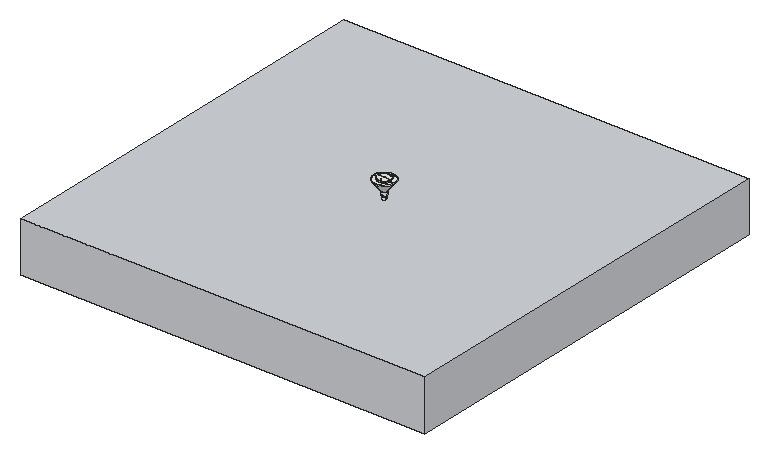
Revit family
Parameters (values of type "Metal-0-White")
  Width = 0' - 5"
  Showerhead Connector = "Showerhead Connection"  # constant formula
  Water Connection Radius = 3/8"
  Water Connection Diameter = Water Connection Radius * 2  # 3/4"
  URL = "http://www.us.kohler.com/us/"
  Product Page URL = "http://www.us.kohler.com/us/Moxie%E2%84%A2-single-function-acoustic-showerhead-with-wireless-speaker,-2.5-gpm/productDetail/Showerheads:-Single-Function/866303.htm?skuId=866281&brandId=914777&isSeachPage=true&pageName=&hash=id%3Dfilters%26startIndex%3D40%26scrollTop%3D0"
  Product Documentation Link = "http://www.us.kohler.com/webassets/kpna/catalog/pdf/en/1199729_4.pdf"
  Model = "K-9245"  # constant formula
  Manufacturer = "Kohler"  # constant formula
  Length = 0' - 4.55483"
  Height = 0' - 5.00024"
  Finish = Metal-Kohler-0-White
  Description = "Single-function acoustic showerhead with wireless speaker, 2.5 gpm"  # constant formula
  Default Elevation = 0' - 0"
  Assembly Code = "D2010700"
  Actual Valve Water Flow = 2.5 GPM
Types (3): name | Finish
  (no name) | Metal-Kohler-0-White
  Metal-0-White | Metal-Kohler-0-White
  Metal-CP-Polished_Chrome | Metal-Kohler-CP-Polished Chrome
Reference planes (in)
  plane 1 "Center (Front/Back)": y = 0
  plane 2: z = 0
  plane 3 "Center (Left/Right)": x = 0
  plane 4: y = 2.50012
  plane 5: x = -2.50182
  plane 6: y = -2.50012
  plane 7: x = 2.49818
  plane 8: z = 4.55483
Forms (in)
  Extrusion 1, solid
    sketch origin (0, 0, 0) x (1, 0, 0) y (0, 1, 0)
      loop
        line (-48, 48) -> (-48, -48) -> (48, -48) -> (48, 48) -> (-48, 48)
    from 0 to -12
  Extrusion 2, solid, material "Metal-Kohler-0-White" <- "Finish", not visible
    sketch origin (0, 0, 0) x (1, 0, 0) y (0, 1, 0)
      loop
        circle (0, 0) r 0.375
    from 0 to 0.09648
Dimensions and locks (in)
  "Width": plane 5 to plane 7
  "Height": plane 6 to plane 4
  "Length": plane 8 to plane 2
  "Water Connection Radius": radius of Extrusion 2 sketch curve
  aligned and locked: plane 2 to Extrusion 1
  aligned and locked: level to Extrusion 1
Automatic sketch dimensions
  Extrusion 1 sketch curve to Extrusion 1 sketch curve = 8' - 0"  (x2)
  plane 1 "Center (Front/Back)" to Extrusion 2 sketch curve = 0' - 0"
  Extrusion 2 sketch curve to plane 3 "Center (Left/Right)" = 0' - 0"
Nested families (in)
  nested 1: "9245-Base" at (0, 0, 0), type "9245-Base"
Connectors (in)
  piping at (0, 0, 0), driven by "Water Connection Radius", driven by "Showerhead Connector", driven by "Actual Valve Water Flow"
    settings: on Extrusion 2, index 1, connector radius 3/8", flow factor 0, pipe flow 2.5 GPM, pressure drop 0.00 psi, fitting loss kfactor 0, connector angle 0.00°, fixture units 0, flow configuration 0, flow direction 1, fitting loss method 0, system type 7, connector reference index -1, connector utility 1, adjustable connector yes, is connector primary yes, fitting loss table "", connector description "Showerhead Connection"
Definition of nested family "9245-Base"
  Parameters (values of type "9245-Base")
    Finish = none
  Reference planes (in)
    plane 1 "Center (Front/Back)": y = 0
    plane 2: z = 0
    plane 3 "Center (Left/Right)": x = 0
    plane 4: y = 2.50012
    plane 5: x = -2.50182
    plane 6: x = 2.50182
    plane 7: y = -2.50012
    plane 8: z = 4.55483
  Forms (in)
    Revolve 1, solid, material <- "Finish", detail levels medium+fine
      sketch origin (0, 0, 0) x (1, 0, 0) y (0, 0, 1)
        loop
          line (0, 0) -> (0, 4.55472)
          arc (0, 4.55472) -> (-0.01907, 4.5544) -> (-0.03812, 4.55344) r 0.56563
          arc (-0.03812, 4.55344) -> (-0.05437, 4.55116) -> (-0.06936, 4.54448) r 0.05886
          arc (-0.06936, 4.54448) -> (-0.77165, 4.5241) -> (-1.4715, 4.46214) r 11.85033
          line (-1.4715, 4.46214) -> (-1.53118, 4.46214)
          arc (-1.53118, 4.46214) -> (-1.55807, 4.44952) -> (-1.56583, 4.42085) r 0.03533
          line (-1.56583, 4.42085) -> (-1.44887, 4.17028) -> (-2.46617, 4.17028)
          arc (-2.46617, 4.17028) -> (-2.4955, 4.15403) -> (-2.49727, 4.12054) r 0.03459
          line (-2.49727, 4.12054) -> (-0.80206, 1.96301)
          arc (-0.80206, 1.96301) -> (-0.75641, 1.87533) -> (-0.72891, 1.78039) r 0.5
          line (-0.72891, 1.78039) -> (-0.68498, 1.02907)
          arc (-0.68498, 1.02907) -> (-0.67788, 1.01192) -> (-0.66074, 1.00482) r 0.02425
          line (-0.66074, 1.00482) -> (-0.41074, 1.00482)
          arc (-0.41074, 1.00482) -> (-0.36755, 0.94642) -> (-0.32133, 0.89039) r 1.36922
          arc (-0.32133, 0.89039) -> (-0.31378, 0.83964) -> (-0.3394, 0.79518) r 0.07798
          arc (-0.3394, 0.79518) -> (-0.42408, 0.71809) -> (-0.465, 0.61114) r 0.24752
          line (-0.465, 0.61114) -> (-0.465, 0) -> (0, 0)
        axis (0, 4.55472) -> (0, 0)
      angle from 0 to 360
    Extrusion 2, void
      sketch origin (0, 0, 0) x (1, 0, 0) y (0, 0, 1)
        loop
          line (-0.465, 0.13232) -> (-0.4375, 0.15982) -> (-0.4375, 0.74244) -> (-0.51371, 0.74244) -> (-0.51371, 0.13232) -> (-0.465, 0.13232)
        loop
          line (0.4375, 0.15982) -> (0.4694, 0.12792) -> (0.50296, 0.12792) -> (0.50296, 0.72308) -> (0.4375, 0.72308) -> (0.4375, 0.15982)
      from -2.59733 to 2.69674
    Extrusion 3, solid, material <- "Finish", detail levels medium+fine
      sketch origin (0, 0.36981, 0.09827) x (1, 0, 0) y (0, 0.996637, 0.081939)
        loop
          circle (-0.00028, -1.06351) r 0.07567
      from 4.30644 to 4.54012
    Extrusion 4, solid, material <- "Finish", detail levels coarse
      sketch origin (0, 0, 0) x (1, 0, 0) y (0, 1, 0)
        loop
          line (-2.50182, 2.50012) -> (-2.50182, -2.50012) -> (2.50182, -2.50012) -> (2.50182, 2.50012) -> (-2.50182, 2.50012)
      from 0 to 4.55344
  Cuts and joins
    Extrusion 2 cuts Revolve 1
    joined: Revolve 1, Extrusion 3
  Lines and regions (in)
    Masking region 1, detail levels coarse
      outline origin (0, 0, 0) x (1, 0, 0) y (0, 1, 0)
        loop
          line (-2.50182, 2.50012) -> (-2.50182, -2.50012) -> (2.50182, -2.50012) -> (2.50182, 2.50012) -> (-2.50182, 2.50012)
    Masking region 2, detail levels medium+fine
      outline origin (0, 0, 0) x (1, 0, 0) y (0, 1, 0)
        loop
          circle (0, 0) r 2.50182
    Masking region 3, detail levels coarse
      outline origin (0, 0, 0) x (1, 0, 0) y (0, 0, 1)
        loop
          line (-2.50182, 4.55483) -> (-2.50182, 0) -> (2.50182, 0) -> (2.50182, 4.55483) -> (-2.50182, 4.55483)
    Masking region 4, detail levels medium+fine
      outline origin (0, 0, 0) x (1, 0, 0) y (0, 0, 1)
        loop
          line (-0.465, 0) -> (0.465, 0) -> (0.465, 0.13232) -> (0.4375, 0.15982) -> (0.4375, 0.69708)
          arc (0.4375, 0.69708) -> (0.39508, 0.75277) -> (0.3394, 0.79518) r 0.26113
          arc (0.3394, 0.79518) -> (0.31358, 0.8396) -> (0.32133, 0.89039) r 0.07726
          arc (0.32133, 0.89039) -> (0.3682, 0.94592) -> (0.41074, 1.00482) r 0.96229
          line (0.41074, 1.00482) -> (0.66074, 1.00482)
          arc (0.66074, 1.00482) -> (0.67788, 1.01192) -> (0.68498, 1.02907) r 0.02425
          line (0.68498, 1.02907) -> (0.72891, 1.78039)
          arc (0.72891, 1.78039) -> (0.75631, 1.87537) -> (0.80206, 1.96301) r 0.49427
          line (0.80206, 1.96301) -> (2.49727, 4.12054)
          arc (2.49727, 4.12054) -> (2.4955, 4.154) -> (2.46619, 4.17024) r 0.03457
          line (2.46619, 4.17024) -> (1.44838, 4.17024) -> (1.56583, 4.42085)
          arc (1.56583, 4.42085) -> (1.55798, 4.44945) -> (1.53118, 4.46214) r 0.03554
          line (1.53118, 4.46214) -> (1.4715, 4.46214)
          arc (1.4715, 4.46214) -> (0.77204, 4.52397) -> (0.07015, 4.54448) r 11.9098
          arc (0.07015, 4.54448) -> (0.05475, 4.55117) -> (0.03812, 4.55344) r 0.06132
          arc (0.03812, 4.55344) -> (0, 4.55483) -> (-0.03812, 4.55344) r 0.52113
          arc (-0.03812, 4.55344) -> (-0.05475, 4.55117) -> (-0.07015, 4.54448) r 0.06132
          arc (-0.07015, 4.54448) -> (-0.77204, 4.52397) -> (-1.4715, 4.46214) r 11.9098
          line (-1.4715, 4.46214) -> (-1.53118, 4.46214)
          arc (-1.53118, 4.46214) -> (-1.55798, 4.44945) -> (-1.56583, 4.42085) r 0.03554
          line (-1.56583, 4.42085) -> (-1.44838, 4.17024) -> (-2.46619, 4.17024)
          arc (-2.46619, 4.17024) -> (-2.4955, 4.154) -> (-2.49727, 4.12054) r 0.03457
          line (-2.49727, 4.12054) -> (-0.80206, 1.96301)
          arc (-0.80206, 1.96301) -> (-0.75631, 1.87537) -> (-0.72891, 1.78039) r 0.49427
          line (-0.72891, 1.78039) -> (-0.68498, 1.02907)
          arc (-0.68498, 1.02907) -> (-0.67788, 1.01192) -> (-0.66074, 1.00482) r 0.02425
          line (-0.66074, 1.00482) -> (-0.41074, 1.00482)
          arc (-0.41074, 1.00482) -> (-0.3682, 0.94592) -> (-0.32133, 0.89039) r 0.96229
          arc (-0.32133, 0.89039) -> (-0.31358, 0.8396) -> (-0.3394, 0.79518) r 0.07726
          arc (-0.3394, 0.79518) -> (-0.39508, 0.75277) -> (-0.4375, 0.69708) r 0.26113
          line (-0.4375, 0.69708) -> (-0.4375, 0.15982) -> (-0.465, 0.13232) -> (-0.465, 0)
    Masking region 5, detail levels coarse
      outline origin (0, 0, 0) x (0, 1, 0) y (0, 0, 1)
        loop
          line (2.50012, 4.55483) -> (-2.50012, 4.55483) -> (-2.50012, 0) -> (2.50012, 0) -> (2.50012, 4.55483)
    Masking region 6, detail levels medium+fine
      outline origin (0, 0, 0) x (0, 1, 0) y (0, 0, 1)
        loop
          line (0.465, 0) -> (0.465, 0.61114)
          arc (0.465, 0.61114) -> (0.42434, 0.71827) -> (0.33939, 0.79518) r 0.24492
          arc (0.33939, 0.79518) -> (0.31387, 0.83966) -> (0.32131, 0.89039) r 0.07836
          arc (0.32131, 0.89039) -> (0.36701, 0.94689) -> (0.41078, 1.0049) r 2.14642
          line (0.41078, 1.0049) -> (0.66078, 1.0049)
          arc (0.66078, 1.0049) -> (0.67786, 1.01198) -> (0.68494, 1.02907) r 0.02417
          line (0.68494, 1.02907) -> (0.73052, 1.78039)
          arc (0.73052, 1.78039) -> (0.7558, 1.87581) -> (0.80206, 1.96301) r 0.43255
          line (0.80206, 1.96301) -> (2.49727, 4.12054)
          arc (2.49727, 4.12054) -> (2.49545, 4.15407) -> (2.46611, 4.1704) r 0.03474
          line (2.46611, 4.1704) -> (1.44899, 4.1704) -> (1.56583, 4.42085)
          arc (1.56583, 4.42085) -> (1.55753, 4.44907) -> (1.53118, 4.46214) r 0.0367
          line (1.53118, 4.46214) -> (1.4715, 4.46214)
          arc (1.4715, 4.46214) -> (1.30082, 4.48136) -> (1.12986, 4.49804) r 11.5306
          arc (1.12986, 4.49804) -> (0.95741, 4.51227) -> (0.78475, 4.5239) r 11.5306
          arc (0.78475, 4.5239) -> (0.59454, 4.53371) -> (0.40418, 4.54038) r 11.5306
          arc (0.40418, 4.54038) -> (0.23678, 4.54365) -> (0.06936, 4.54448) r 11.5306
          arc (0.06936, 4.54448) -> (0.05434, 4.55107) -> (0.03812, 4.55344) r 0.06108
          arc (0.03812, 4.55344) -> (0, 4.55483) -> (-0.03812, 4.55344) r 0.52113
          arc (-0.03812, 4.55344) -> (-0.05434, 4.55107) -> (-0.06936, 4.54448) r 0.06108
          arc (-0.06936, 4.54448) -> (-0.29829, 4.54273) -> (-0.52714, 4.53644) r 11.5306
          arc (-0.52714, 4.53644) -> (-0.75582, 4.5256) -> (-0.98424, 4.51023) r 11.5306
          line (-0.98424, 4.51023) -> (-0.98671, 4.54218) -> (-1.13727, 4.5298) -> (-1.13462, 4.49761)
          arc (-1.13462, 4.49761) -> (-1.30319, 4.48111) -> (-1.4715, 4.46214) r 11.5306
          line (-1.4715, 4.46214) -> (-1.53118, 4.46214)
          arc (-1.53118, 4.46214) -> (-1.55753, 4.44907) -> (-1.56583, 4.42085) r 0.0367
          line (-1.56583, 4.42085) -> (-1.44899, 4.1704) -> (-2.46611, 4.1704)
          arc (-2.46611, 4.1704) -> (-2.49545, 4.15407) -> (-2.49727, 4.12054) r 0.03474
          line (-2.49727, 4.12054) -> (-0.80206, 1.96301)
          arc (-0.80206, 1.96301) -> (-0.7558, 1.87581) -> (-0.73052, 1.78039) r 0.43255
          line (-0.73052, 1.78039) -> (-0.68494, 1.02907)
          arc (-0.68494, 1.02907) -> (-0.67786, 1.01198) -> (-0.66078, 1.0049) r 0.02417
          line (-0.66078, 1.0049) -> (-0.41078, 1.0049)
          arc (-0.41078, 1.0049) -> (-0.36701, 0.94689) -> (-0.32131, 0.89039) r 2.14642
          arc (-0.32131, 0.89039) -> (-0.31387, 0.83966) -> (-0.33939, 0.79518) r 0.07836
          arc (-0.33939, 0.79518) -> (-0.42434, 0.71827) -> (-0.465, 0.61114) r 0.24492
          line (-0.465, 0.61114) -> (-0.465, 0) -> (0.465, 0)
    symbolic lines, style "Masking Lines", detail levels fine
      curve 1: circle (0, 0, 0) r 2.43087 normal (0, 0, 1)
      curve 2: circle (0, 0, 0) r 1.56624 normal (0, 0, 1)
      curve 3: circle (0, 0, 0) r 1.4774 normal (0, 0, 1)
      curve 4: arc (-0.18087, 0.71612, 0) -> (-0.13371, 0.66896, 0) -> (-0.08655, 0.71612, 0) r 0.04716
      curve 5: arc (-0.08655, 0.71612, 0) -> (-0.13371, 0.76327, 0) -> (-0.18087, 0.71612, 0) r 0.04716
      curve 6: arc (-0.04716, 0.71612, 0) -> (0, 0.66896, 0) -> (0.04716, 0.71612, 0) r 0.04716
      curve 7: arc (0.04716, 0.71612, 0) -> (0, 0.76327, 0) -> (-0.04716, 0.71612, 0) r 0.04716
      curve 8: arc (0.08655, 0.71612, 0) -> (0.13371, 0.66896, 0) -> (0.18087, 0.71612, 0) r 0.04716
      curve 9: arc (0.18087, 0.71612, 0) -> (0.13371, 0.76327, 0) -> (0.08655, 0.71612, 0) r 0.04716
      curve 10: arc (0.39045, 0.59695, 0) -> (0.3433, 0.64411, 0) -> (0.29614, 0.59695, 0) r 0.04716
      curve 11: arc (0.29614, 0.59695, 0) -> (0.3433, 0.5498, 0) -> (0.39045, 0.59695, 0) r 0.04716
      curve 12: arc (0.25073, 0.59695, 0) -> (0.20357, 0.64411, 0) -> (0.15641, 0.59695, 0) r 0.04716
      curve 13: arc (0.15641, 0.59695, 0) -> (0.20357, 0.5498, 0) -> (0.25073, 0.59695, 0) r 0.04716
      curve 14: arc (0.11101, 0.59695, 0) -> (0.06385, 0.64411, 0) -> (0.01669, 0.59695, 0) r 0.04716
      curve 15: arc (0.01669, 0.59695, 0) -> (0.06385, 0.5498, 0) -> (0.11101, 0.59695, 0) r 0.04716
      curve 16: arc (-0.01669, 0.59695, 0) -> (-0.06385, 0.64411, 0) -> (-0.11101, 0.59695, 0) r 0.04716
      curve 17: arc (-0.11101, 0.59695, 0) -> (-0.06385, 0.5498, 0) -> (-0.01669, 0.59695, 0) r 0.04716
      curve 18: arc (-0.15641, 0.59695, 0) -> (-0.20357, 0.64411, 0) -> (-0.25073, 0.59695, 0) r 0.04716
      curve 19: arc (-0.25073, 0.59695, 0) -> (-0.20357, 0.5498, 0) -> (-0.15641, 0.59695, 0) r 0.04716
      curve 20: arc (-0.29614, 0.59695, 0) -> (-0.3433, 0.64411, 0) -> (-0.39045, 0.59695, 0) r 0.04716
      curve 21: arc (-0.39045, 0.59695, 0) -> (-0.3433, 0.5498, 0) -> (-0.29614, 0.59695, 0) r 0.04716
      curve 22: arc (-0.50572, 0.47709, 0) -> (-0.55288, 0.52425, 0) -> (-0.60004, 0.47709, 0) r 0.04716
      curve 23: arc (-0.60004, 0.47709, 0) -> (-0.55288, 0.42993, 0) -> (-0.50572, 0.47709, 0) r 0.04716
      curve 24: arc (-0.366, 0.47709, 0) -> (-0.41316, 0.52425, 0) -> (-0.46032, 0.47709, 0) r 0.04716
      curve 25: arc (-0.46032, 0.47709, 0) -> (-0.41316, 0.42993, 0) -> (-0.366, 0.47709, 0) r 0.04716
      curve 26: arc (-0.22628, 0.47709, 0) -> (-0.27343, 0.52425, 0) -> (-0.32059, 0.47709, 0) r 0.04716
      curve 27: arc (-0.32059, 0.47709, 0) -> (-0.27343, 0.42993, 0) -> (-0.22628, 0.47709, 0) r 0.04716
      curve 28: arc (-0.08655, 0.47709, 0) -> (-0.13371, 0.52425, 0) -> (-0.18087, 0.47709, 0) r 0.04716
      curve 29: arc (-0.18087, 0.47709, 0) -> (-0.13371, 0.42993, 0) -> (-0.08655, 0.47709, 0) r 0.04716
      curve 30: arc (0.04716, 0.47709, 0) -> (0, 0.52425, 0) -> (-0.04716, 0.47709, 0) r 0.04716
      curve 31: arc (-0.04716, 0.47709, 0) -> (0, 0.42993, 0) -> (0.04716, 0.47709, 0) r 0.04716
      curve 32: arc (0.18087, 0.47709, 0) -> (0.13371, 0.52425, 0) -> (0.08655, 0.47709, 0) r 0.04716
      curve 33: arc (0.08655, 0.47709, 0) -> (0.13371, 0.42993, 0) -> (0.18087, 0.47709, 0) r 0.04716
      curve 34: arc (0.32059, 0.47709, 0) -> (0.27343, 0.52425, 0) -> (0.22628, 0.47709, 0) r 0.04716
      curve 35: arc (0.22628, 0.47709, 0) -> (0.27343, 0.42993, 0) -> (0.32059, 0.47709, 0) r 0.04716
      curve 36: arc (0.46032, 0.47709, 0) -> (0.41316, 0.52425, 0) -> (0.366, 0.47709, 0) r 0.04716
      curve 37: arc (0.366, 0.47709, 0) -> (0.41316, 0.42993, 0) -> (0.46032, 0.47709, 0) r 0.04716
      curve 38: arc (0.60004, 0.47709, 0) -> (0.55288, 0.52425, 0) -> (0.50572, 0.47709, 0) r 0.04716
      curve 39: arc (0.50572, 0.47709, 0) -> (0.55288, 0.42993, 0) -> (0.60004, 0.47709, 0) r 0.04716
      curve 40: arc (0.6699, 0.35722, 0) -> (0.62274, 0.40438, 0) -> (0.57558, 0.35722, 0) r 0.04716
      curve 41: arc (0.57558, 0.35722, 0) -> (0.62274, 0.31007, 0) -> (0.6699, 0.35722, 0) r 0.04716
      curve 42: arc (0.53018, 0.35722, 0) -> (0.48302, 0.40438, 0) -> (0.43586, 0.35722, 0) r 0.04716
      curve 43: arc (0.43586, 0.35722, 0) -> (0.48302, 0.31007, 0) -> (0.53018, 0.35722, 0) r 0.04716
      curve 44: arc (0.29614, 0.35722, 0) -> (0.3433, 0.31007, 0) -> (0.39045, 0.35722, 0) r 0.04716
      curve 45: arc (0.39045, 0.35722, 0) -> (0.3433, 0.40438, 0) -> (0.29614, 0.35722, 0) r 0.04716
      curve 46: arc (0.15641, 0.35722, 0) -> (0.20357, 0.31007, 0) -> (0.25073, 0.35722, 0) r 0.04716
      curve 47: arc (0.25073, 0.35722, 0) -> (0.20357, 0.40438, 0) -> (0.15641, 0.35722, 0) r 0.04716
      curve 48: arc (0.01669, 0.35722, 0) -> (0.06385, 0.31007, 0) -> (0.11101, 0.35722, 0) r 0.04716
      curve 49: arc (0.11101, 0.35722, 0) -> (0.06385, 0.40438, 0) -> (0.01669, 0.35722, 0) r 0.04716
      curve 50: arc (-0.11101, 0.35722, 0) -> (-0.06385, 0.31007, 0) -> (-0.01669, 0.35722, 0) r 0.04716
      curve 51: arc (-0.01669, 0.35722, 0) -> (-0.06385, 0.40438, 0) -> (-0.11101, 0.35722, 0) r 0.04716
      curve 52: arc (-0.25073, 0.35722, 0) -> (-0.20357, 0.31007, 0) -> (-0.15641, 0.35722, 0) r 0.04716
      curve 53: arc (-0.15641, 0.35722, 0) -> (-0.20357, 0.40438, 0) -> (-0.25073, 0.35722, 0) r 0.04716
      curve 54: arc (-0.39045, 0.35722, 0) -> (-0.3433, 0.31007, 0) -> (-0.29614, 0.35722, 0) r 0.04716
      curve 55: arc (-0.29614, 0.35722, 0) -> (-0.3433, 0.40438, 0) -> (-0.39045, 0.35722, 0) r 0.04716
      curve 56: arc (-0.53018, 0.35722, 0) -> (-0.48302, 0.31007, 0) -> (-0.43586, 0.35722, 0) r 0.04716
      curve 57: arc (-0.43586, 0.35722, 0) -> (-0.48302, 0.40438, 0) -> (-0.53018, 0.35722, 0) r 0.04716
      curve 58: arc (-0.6699, 0.35722, 0) -> (-0.62274, 0.31007, 0) -> (-0.57558, 0.35722, 0) r 0.04716
      curve 59: arc (-0.57558, 0.35722, 0) -> (-0.62274, 0.40438, 0) -> (-0.6699, 0.35722, 0) r 0.04716
      curve 60: arc (-0.64544, 0.23736, 0) -> (-0.6926, 0.28452, 0) -> (-0.73976, 0.23736, 0) r 0.04716
      curve 61: arc (-0.73976, 0.23736, 0) -> (-0.6926, 0.1902, 0) -> (-0.64544, 0.23736, 0) r 0.04716
      curve 62: arc (-0.50572, 0.23736, 0) -> (-0.55288, 0.28452, 0) -> (-0.60004, 0.23736, 0) r 0.04716
      curve 63: arc (-0.60004, 0.23736, 0) -> (-0.55288, 0.1902, 0) -> (-0.50572, 0.23736, 0) r 0.04716
      curve 64: arc (-0.366, 0.23736, 0) -> (-0.41316, 0.28452, 0) -> (-0.46032, 0.23736, 0) r 0.04716
      curve 65: arc (-0.46032, 0.23736, 0) -> (-0.41316, 0.1902, 0) -> (-0.366, 0.23736, 0) r 0.04716
      curve 66: arc (-0.22628, 0.23736, 0) -> (-0.27343, 0.28452, 0) -> (-0.32059, 0.23736, 0) r 0.04716
      curve 67: arc (-0.32059, 0.23736, 0) -> (-0.27343, 0.1902, 0) -> (-0.22628, 0.23736, 0) r 0.04716
      curve 68: arc (-0.08655, 0.23736, 0) -> (-0.13371, 0.28452, 0) -> (-0.18087, 0.23736, 0) r 0.04716
      curve 69: arc (-0.18087, 0.23736, 0) -> (-0.13371, 0.1902, 0) -> (-0.08655, 0.23736, 0) r 0.04716
      curve 70: arc (0.04716, 0.23736, 0) -> (0, 0.28452, 0) -> (-0.04716, 0.23736, 0) r 0.04716
      curve 71: arc (-0.04716, 0.23736, 0) -> (0, 0.1902, 0) -> (0.04716, 0.23736, 0) r 0.04716
      curve 72: arc (0.18087, 0.23736, 0) -> (0.13371, 0.28452, 0) -> (0.08655, 0.23736, 0) r 0.04716
      curve 73: arc (0.08655, 0.23736, 0) -> (0.13371, 0.1902, 0) -> (0.18087, 0.23736, 0) r 0.04716
      curve 74: arc (0.32059, 0.23736, 0) -> (0.27343, 0.28452, 0) -> (0.22628, 0.23736, 0) r 0.04716
      curve 75: arc (0.22628, 0.23736, 0) -> (0.27343, 0.1902, 0) -> (0.32059, 0.23736, 0) r 0.04716
      curve 76: arc (0.46032, 0.23736, 0) -> (0.41316, 0.28452, 0) -> (0.366, 0.23736, 0) r 0.04716
      curve 77: arc (0.366, 0.23736, 0) -> (0.41316, 0.1902, 0) -> (0.46032, 0.23736, 0) r 0.04716
      curve 78: arc (0.60004, 0.23736, 0) -> (0.55288, 0.28452, 0) -> (0.50572, 0.23736, 0) r 0.04716
      curve 79: arc (0.50572, 0.23736, 0) -> (0.55288, 0.1902, 0) -> (0.60004, 0.23736, 0) r 0.04716
      curve 80: arc (0.73976, 0.23736, 0) -> (0.6926, 0.28452, 0) -> (0.64544, 0.23736, 0) r 0.04716
      curve 81: arc (0.64544, 0.23736, 0) -> (0.6926, 0.1902, 0) -> (0.73976, 0.23736, 0) r 0.04716
      curve 82: arc (0.6699, 0.1182, 0) -> (0.62274, 0.16536, 0) -> (0.57558, 0.1182, 0) r 0.04716
      curve 83: arc (0.57558, 0.1182, 0) -> (0.62274, 0.07104, 0) -> (0.6699, 0.1182, 0) r 0.04716
      curve 84: arc (0.53018, 0.1182, 0) -> (0.48302, 0.16536, 0) -> (0.43586, 0.1182, 0) r 0.04716
      curve 85: arc (0.43586, 0.1182, 0) -> (0.48302, 0.07104, 0) -> (0.53018, 0.1182, 0) r 0.04716
      curve 86: arc (0.39045, 0.1182, 0) -> (0.3433, 0.16536, 0) -> (0.29614, 0.1182, 0) r 0.04716
      curve 87: arc (0.29614, 0.1182, 0) -> (0.3433, 0.07104, 0) -> (0.39045, 0.1182, 0) r 0.04716
      curve 88: arc (0.25073, 0.1182, 0) -> (0.20357, 0.16536, 0) -> (0.15641, 0.1182, 0) r 0.04716
      curve 89: arc (0.15641, 0.1182, 0) -> (0.20357, 0.07104, 0) -> (0.25073, 0.1182, 0) r 0.04716
      curve 90: arc (0.11101, 0.1182, 0) -> (0.06385, 0.16536, 0) -> (0.01669, 0.1182, 0) r 0.04716
      curve 91: arc (0.01669, 0.1182, 0) -> (0.06385, 0.07104, 0) -> (0.11101, 0.1182, 0) r 0.04716
      curve 92: arc (-0.01669, 0.1182, 0) -> (-0.06385, 0.16536, 0) -> (-0.11101, 0.1182, 0) r 0.04716
      curve 93: arc (-0.11101, 0.1182, 0) -> (-0.06385, 0.07104, 0) -> (-0.01669, 0.1182, 0) r 0.04716
      curve 94: arc (-0.15641, 0.1182, 0) -> (-0.20357, 0.16536, 0) -> (-0.25073, 0.1182, 0) r 0.04716
      curve 95: arc (-0.25073, 0.1182, 0) -> (-0.20357, 0.07104, 0) -> (-0.15641, 0.1182, 0) r 0.04716
      curve 96: arc (-0.29614, 0.1182, 0) -> (-0.3433, 0.16536, 0) -> (-0.39045, 0.1182, 0) r 0.04716
      curve 97: arc (-0.39045, 0.1182, 0) -> (-0.3433, 0.07104, 0) -> (-0.29614, 0.1182, 0) r 0.04716
      curve 98: arc (-0.43586, 0.1182, 0) -> (-0.48302, 0.16536, 0) -> (-0.53018, 0.1182, 0) r 0.04716
      curve 99: arc (-0.53018, 0.1182, 0) -> (-0.48302, 0.07104, 0) -> (-0.43586, 0.1182, 0) r 0.04716
      curve 100: arc (-0.57558, 0.1182, 0) -> (-0.62274, 0.16536, 0) -> (-0.6699, 0.1182, 0) r 0.04716
      curve 101: arc (-0.6699, 0.1182, 0) -> (-0.62274, 0.07104, 0) -> (-0.57558, 0.1182, 0) r 0.04716
      curve 102: arc (-0.64544, 0, 0) -> (-0.6926, 0.04716, 0) -> (-0.73976, 0, 0) r 0.04716
      curve 103: arc (-0.73976, 0, 0) -> (-0.6926, -0.04716, 0) -> (-0.64544, 0, 0) r 0.04716
      curve 104: arc (-0.50572, 0, 0) -> (-0.55288, 0.04716, 0) -> (-0.60004, 0, 0) r 0.04716
      curve 105: arc (-0.60004, 0, 0) -> (-0.55288, -0.04716, 0) -> (-0.50572, 0, 0) r 0.04716
      curve 106: arc (-0.366, 0, 0) -> (-0.41316, 0.04716, 0) -> (-0.46032, 0, 0) r 0.04716
      curve 107: arc (-0.46032, 0, 0) -> (-0.41316, -0.04716, 0) -> (-0.366, 0, 0) r 0.04716
      curve 108: arc (-0.22628, 0, 0) -> (-0.27343, 0.04716, 0) -> (-0.32059, 0, 0) r 0.04716
      curve 109: arc (-0.32059, 0, 0) -> (-0.27343, -0.04716, 0) -> (-0.22628, 0, 0) r 0.04716
      curve 110: arc (-0.08655, 0, 0) -> (-0.13371, 0.04716, 0) -> (-0.18087, 0, 0) r 0.04716
      curve 111: arc (-0.18087, 0, 0) -> (-0.13371, -0.04716, 0) -> (-0.08655, 0, 0) r 0.04716
      curve 112: arc (0.18087, 0, 0) -> (0.13371, 0.04716, 0) -> (0.08655, 0, 0) r 0.04716
      curve 113: arc (0.08655, 0, 0) -> (0.13371, -0.04716, 0) -> (0.18087, 0, 0) r 0.04716
      curve 114: arc (0.32059, 0, 0) -> (0.27343, 0.04716, 0) -> (0.22628, 0, 0) r 0.04716
      curve 115: arc (0.22628, 0, 0) -> (0.27343, -0.04716, 0) -> (0.32059, 0, 0) r 0.04716
      curve 116: arc (0.46032, 0, 0) -> (0.41316, 0.04716, 0) -> (0.366, 0, 0) r 0.04716
      curve 117: arc (0.366, 0, 0) -> (0.41316, -0.04716, 0) -> (0.46032, 0, 0) r 0.04716
      curve 118: arc (0.60004, 0, 0) -> (0.55288, 0.04716, 0) -> (0.50572, 0, 0) r 0.04716
      curve 119: arc (0.50572, 0, 0) -> (0.55288, -0.04716, 0) -> (0.60004, 0, 0) r 0.04716
      curve 120: arc (0.73976, 0, 0) -> (0.6926, 0.04716, 0) -> (0.64544, 0, 0) r 0.04716
      curve 121: arc (0.64544, 0, 0) -> (0.6926, -0.04716, 0) -> (0.73976, 0, 0) r 0.04716
      curve 122: arc (0.57558, -0.12153, 0) -> (0.62274, -0.16869, 0) -> (0.6699, -0.12153, 0) r 0.04716
      curve 123: arc (0.6699, -0.12153, 0) -> (0.62274, -0.07437, 0) -> (0.57558, -0.12153, 0) r 0.04716
      curve 124: arc (0.43586, -0.12153, 0) -> (0.48302, -0.16869, 0) -> (0.53018, -0.12153, 0) r 0.04716
      curve 125: arc (0.53018, -0.12153, 0) -> (0.48302, -0.07437, 0) -> (0.43586, -0.12153, 0) r 0.04716
      curve 126: arc (0.29614, -0.12153, 0) -> (0.3433, -0.16869, 0) -> (0.39045, -0.12153, 0) r 0.04716
      curve 127: arc (0.39045, -0.12153, 0) -> (0.3433, -0.07437, 0) -> (0.29614, -0.12153, 0) r 0.04716
      curve 128: arc (0.15641, -0.12153, 0) -> (0.20357, -0.16869, 0) -> (0.25073, -0.12153, 0) r 0.04716
      curve 129: arc (0.25073, -0.12153, 0) -> (0.20357, -0.07437, 0) -> (0.15641, -0.12153, 0) r 0.04716
      curve 130: arc (0.01669, -0.12153, 0) -> (0.06385, -0.16869, 0) -> (0.11101, -0.12153, 0) r 0.04716
      curve 131: arc (0.11101, -0.12153, 0) -> (0.06385, -0.07437, 0) -> (0.01669, -0.12153, 0) r 0.04716
      curve 132: arc (-0.11101, -0.12153, 0) -> (-0.06385, -0.16869, 0) -> (-0.01669, -0.12153, 0) r 0.04716
      curve 133: arc (-0.01669, -0.12153, 0) -> (-0.06385, -0.07437, 0) -> (-0.11101, -0.12153, 0) r 0.04716
      curve 134: arc (-0.25073, -0.12153, 0) -> (-0.20357, -0.16869, 0) -> (-0.15641, -0.12153, 0) r 0.04716
      curve 135: arc (-0.15641, -0.12153, 0) -> (-0.20357, -0.07437, 0) -> (-0.25073, -0.12153, 0) r 0.04716
      curve 136: arc (-0.39045, -0.12153, 0) -> (-0.3433, -0.16869, 0) -> (-0.29614, -0.12153, 0) r 0.04716
      curve 137: arc (-0.29614, -0.12153, 0) -> (-0.3433, -0.07437, 0) -> (-0.39045, -0.12153, 0) r 0.04716
      curve 138: arc (-0.53018, -0.12153, 0) -> (-0.48302, -0.16869, 0) -> (-0.43586, -0.12153, 0) r 0.04716
      curve 139: arc (-0.43586, -0.12153, 0) -> (-0.48302, -0.07437, 0) -> (-0.53018, -0.12153, 0) r 0.04716
      curve 140: arc (-0.6699, -0.12153, 0) -> (-0.62274, -0.16869, 0) -> (-0.57558, -0.12153, 0) r 0.04716
      curve 141: arc (-0.57558, -0.12153, 0) -> (-0.62274, -0.07437, 0) -> (-0.6699, -0.12153, 0) r 0.04716
      curve 142: arc (-0.64544, -0.2421, 0) -> (-0.6926, -0.19494, 0) -> (-0.73976, -0.2421, 0) r 0.04716
      curve 143: arc (-0.73976, -0.2421, 0) -> (-0.6926, -0.28926, 0) -> (-0.64544, -0.2421, 0) r 0.04716
      curve 144: arc (-0.50572, -0.2421, 0) -> (-0.55288, -0.19494, 0) -> (-0.60004, -0.2421, 0) r 0.04716
      curve 145: arc (-0.60004, -0.2421, 0) -> (-0.55288, -0.28926, 0) -> (-0.50572, -0.2421, 0) r 0.04716
      curve 146: arc (-0.366, -0.2421, 0) -> (-0.41316, -0.19494, 0) -> (-0.46032, -0.2421, 0) r 0.04716
      curve 147: arc (-0.46032, -0.2421, 0) -> (-0.41316, -0.28926, 0) -> (-0.366, -0.2421, 0) r 0.04716
      curve 148: arc (-0.32059, -0.2421, 0) -> (-0.27343, -0.28926, 0) -> (-0.22628, -0.2421, 0) r 0.04716
      curve 149: arc (-0.22628, -0.2421, 0) -> (-0.27343, -0.19494, 0) -> (-0.32059, -0.2421, 0) r 0.04716
      curve 150: arc (-0.08655, -0.2421, 0) -> (-0.13371, -0.19494, 0) -> (-0.18087, -0.2421, 0) r 0.04716
      curve 151: arc (-0.18087, -0.2421, 0) -> (-0.13371, -0.28926, 0) -> (-0.08655, -0.2421, 0) r 0.04716
      curve 152: arc (0.04716, -0.2421, 0) -> (0, -0.19494, 0) -> (-0.04716, -0.2421, 0) r 0.04716
      curve 153: arc (-0.04716, -0.2421, 0) -> (0, -0.28926, 0) -> (0.04716, -0.2421, 0) r 0.04716
      curve 154: arc (0.18087, -0.2421, 0) -> (0.13371, -0.19494, 0) -> (0.08655, -0.2421, 0) r 0.04716
      curve 155: arc (0.08655, -0.2421, 0) -> (0.13371, -0.28926, 0) -> (0.18087, -0.2421, 0) r 0.04716
      curve 156: arc (0.32059, -0.2421, 0) -> (0.27343, -0.19494, 0) -> (0.22628, -0.2421, 0) r 0.04716
      curve 157: arc (0.22628, -0.2421, 0) -> (0.27343, -0.28926, 0) -> (0.32059, -0.2421, 0) r 0.04716
      curve 158: arc (0.46032, -0.2421, 0) -> (0.41316, -0.19494, 0) -> (0.366, -0.2421, 0) r 0.04716
      curve 159: arc (0.366, -0.2421, 0) -> (0.41316, -0.28926, 0) -> (0.46032, -0.2421, 0) r 0.04716
      curve 160: arc (0.60004, -0.2421, 0) -> (0.55288, -0.19494, 0) -> (0.50572, -0.2421, 0) r 0.04716
      curve 161: arc (0.50572, -0.2421, 0) -> (0.55288, -0.28926, 0) -> (0.60004, -0.2421, 0) r 0.04716
      curve 162: arc (0.73976, -0.2421, 0) -> (0.6926, -0.19494, 0) -> (0.64544, -0.2421, 0) r 0.04716
      curve 163: arc (0.64544, -0.2421, 0) -> (0.6926, -0.28926, 0) -> (0.73976, -0.2421, 0) r 0.04716
      curve 164: arc (0.6699, -0.36126, 0) -> (0.62274, -0.3141, 0) -> (0.57558, -0.36126, 0) r 0.04716
      curve 165: arc (0.57558, -0.36126, 0) -> (0.62274, -0.40842, 0) -> (0.6699, -0.36126, 0) r 0.04716
      curve 166: arc (0.53018, -0.36126, 0) -> (0.48302, -0.3141, 0) -> (0.43586, -0.36126, 0) r 0.04716
      curve 167: arc (0.43586, -0.36126, 0) -> (0.48302, -0.40842, 0) -> (0.53018, -0.36126, 0) r 0.04716
      curve 168: arc (0.39045, -0.36126, 0) -> (0.3433, -0.3141, 0) -> (0.29614, -0.36126, 0) r 0.04716
      curve 169: arc (0.29614, -0.36126, 0) -> (0.3433, -0.40842, 0) -> (0.39045, -0.36126, 0) r 0.04716
      curve 170: arc (0.25073, -0.36126, 0) -> (0.20357, -0.3141, 0) -> (0.15641, -0.36126, 0) r 0.04716
      curve 171: arc (0.15641, -0.36126, 0) -> (0.20357, -0.40842, 0) -> (0.25073, -0.36126, 0) r 0.04716
      curve 172: arc (0.11101, -0.36126, 0) -> (0.06385, -0.3141, 0) -> (0.01669, -0.36126, 0) r 0.04716
      curve 173: arc (0.01669, -0.36126, 0) -> (0.06385, -0.40842, 0) -> (0.11101, -0.36126, 0) r 0.04716
      curve 174: arc (-0.01669, -0.36126, 0) -> (-0.06385, -0.3141, 0) -> (-0.11101, -0.36126, 0) r 0.04716
      curve 175: arc (-0.11101, -0.36126, 0) -> (-0.06385, -0.40842, 0) -> (-0.01669, -0.36126, 0) r 0.04716
      curve 176: arc (-0.15641, -0.36126, 0) -> (-0.20357, -0.3141, 0) -> (-0.25073, -0.36126, 0) r 0.04716
      curve 177: arc (-0.25073, -0.36126, 0) -> (-0.20357, -0.40842, 0) -> (-0.15641, -0.36126, 0) r 0.04716
      curve 178: arc (-0.29614, -0.36126, 0) -> (-0.3433, -0.3141, 0) -> (-0.39045, -0.36126, 0) r 0.04716
      curve 179: arc (-0.39045, -0.36126, 0) -> (-0.3433, -0.40842, 0) -> (-0.29614, -0.36126, 0) r 0.04716
      curve 180: arc (-0.43586, -0.36126, 0) -> (-0.48302, -0.3141, 0) -> (-0.53018, -0.36126, 0) r 0.04716
      curve 181: arc (-0.53018, -0.36126, 0) -> (-0.48302, -0.40842, 0) -> (-0.43586, -0.36126, 0) r 0.04716
      curve 182: arc (-0.57558, -0.36126, 0) -> (-0.62274, -0.3141, 0) -> (-0.6699, -0.36126, 0) r 0.04716
      curve 183: arc (-0.6699, -0.36126, 0) -> (-0.62274, -0.40842, 0) -> (-0.57558, -0.36126, 0) r 0.04716
      curve 184: arc (-0.50572, -0.48113, 0) -> (-0.55288, -0.43397, 0) -> (-0.60004, -0.48113, 0) r 0.04716
      curve 185: arc (-0.60004, -0.48113, 0) -> (-0.55288, -0.52829, 0) -> (-0.50572, -0.48113, 0) r 0.04716
      curve 186: arc (-0.366, -0.48113, 0) -> (-0.41316, -0.43397, 0) -> (-0.46032, -0.48113, 0) r 0.04716
      curve 187: arc (-0.46032, -0.48113, 0) -> (-0.41316, -0.52829, 0) -> (-0.366, -0.48113, 0) r 0.04716
      curve 188: arc (-0.22628, -0.48113, 0) -> (-0.27343, -0.43397, 0) -> (-0.32059, -0.48113, 0) r 0.04716
      curve 189: arc (-0.32059, -0.48113, 0) -> (-0.27343, -0.52829, 0) -> (-0.22628, -0.48113, 0) r 0.04716
      curve 190: arc (-0.08655, -0.48113, 0) -> (-0.13371, -0.43397, 0) -> (-0.18087, -0.48113, 0) r 0.04716
      curve 191: arc (-0.18087, -0.48113, 0) -> (-0.13371, -0.52829, 0) -> (-0.08655, -0.48113, 0) r 0.04716
      curve 192: arc (0.04716, -0.48113, 0) -> (0, -0.43397, 0) -> (-0.04716, -0.48113, 0) r 0.04716
      curve 193: arc (-0.04716, -0.48113, 0) -> (0, -0.52829, 0) -> (0.04716, -0.48113, 0) r 0.04716
      curve 194: arc (0.18087, -0.48113, 0) -> (0.13371, -0.43397, 0) -> (0.08655, -0.48113, 0) r 0.04716
      curve 195: arc (0.08655, -0.48113, 0) -> (0.13371, -0.52829, 0) -> (0.18087, -0.48113, 0) r 0.04716
      curve 196: arc (0.32059, -0.48113, 0) -> (0.27343, -0.43397, 0) -> (0.22628, -0.48113, 0) r 0.04716
      curve 197: arc (0.22628, -0.48113, 0) -> (0.27343, -0.52829, 0) -> (0.32059, -0.48113, 0) r 0.04716
      curve 198: arc (0.46032, -0.48113, 0) -> (0.41316, -0.43397, 0) -> (0.366, -0.48113, 0) r 0.04716
      curve 199: arc (0.366, -0.48113, 0) -> (0.41316, -0.52829, 0) -> (0.46032, -0.48113, 0) r 0.04716
      curve 200: arc (0.60004, -0.48113, 0) -> (0.55288, -0.43397, 0) -> (0.50572, -0.48113, 0) r 0.04716
      curve 201: arc (0.50572, -0.48113, 0) -> (0.55288, -0.52829, 0) -> (0.60004, -0.48113, 0) r 0.04716
      curve 202: arc (0.39045, -0.60099, 0) -> (0.3433, -0.55384, 0) -> (0.29614, -0.60099, 0) r 0.04716
      curve 203: arc (0.29614, -0.60099, 0) -> (0.3433, -0.64815, 0) -> (0.39045, -0.60099, 0) r 0.04716
      curve 204: arc (0.25073, -0.60099, 0) -> (0.20357, -0.55384, 0) -> (0.15641, -0.60099, 0) r 0.04716
      curve 205: arc (0.15641, -0.60099, 0) -> (0.20357, -0.64815, 0) -> (0.25073, -0.60099, 0) r 0.04716
      curve 206: arc (0.11101, -0.60099, 0) -> (0.06385, -0.55384, 0) -> (0.01669, -0.60099, 0) r 0.04716
      curve 207: arc (0.01669, -0.60099, 0) -> (0.06385, -0.64815, 0) -> (0.11101, -0.60099, 0) r 0.04716
      curve 208: arc (-0.01669, -0.60099, 0) -> (-0.06385, -0.55384, 0) -> (-0.11101, -0.60099, 0) r 0.04716
      curve 209: arc (-0.11101, -0.60099, 0) -> (-0.06385, -0.64815, 0) -> (-0.01669, -0.60099, 0) r 0.04716
      curve 210: arc (-0.15641, -0.60099, 0) -> (-0.20357, -0.55384, 0) -> (-0.25073, -0.60099, 0) r 0.04716
      curve 211: arc (-0.25073, -0.60099, 0) -> (-0.20357, -0.64815, 0) -> (-0.15641, -0.60099, 0) r 0.04716
      curve 212: arc (-0.29614, -0.60099, 0) -> (-0.3433, -0.55384, 0) -> (-0.39045, -0.60099, 0) r 0.04716
      curve 213: arc (-0.39045, -0.60099, 0) -> (-0.3433, -0.64815, 0) -> (-0.29614, -0.60099, 0) r 0.04716
      curve 214: arc (-0.08655, -0.72156, 0) -> (-0.13371, -0.6744, 0) -> (-0.18087, -0.72156, 0) r 0.04716
      curve 215: arc (-0.18087, -0.72156, 0) -> (-0.13371, -0.76872, 0) -> (-0.08655, -0.72156, 0) r 0.04716
      curve 216: arc (0.04716, -0.72156, 0) -> (0, -0.6744, 0) -> (-0.04716, -0.72156, 0) r 0.04716
      curve 217: arc (-0.04716, -0.72156, 0) -> (0, -0.76872, 0) -> (0.04716, -0.72156, 0) r 0.04716
      curve 218: arc (0.18087, -0.72156, 0) -> (0.13371, -0.6744, 0) -> (0.08655, -0.72156, 0) r 0.04716
      curve 219: arc (0.08655, -0.72156, 0) -> (0.13371, -0.76872, 0) -> (0.18087, -0.72156, 0) r 0.04716
      curve 220: spline (-0.07596, -1.06333, 0) -> (-0.07338, -1.08285, 0) -> (-0.06582, -1.10104, 0) -> (-0.05379, -1.11666, 0) -> (-0.03812, -1.12865, 0) -> (-0.01987, -1.13618, 0) -> (-0.00028, -1.13875, 0) -> (0.0193, -1.13618, 0) -> (0.03755, -1.12865, 0) -> (0.05322, -1.11666, 0) -> (0.06525, -1.10104, 0) -> (0.07281, -1.08285, 0) -> (0.07539, -1.06333, 0)
      curve 221: spline (0.07539, -1.06333, 0) -> (0.07281, -1.04381, 0) -> (0.06525, -1.02562, 0) -> (0.05322, -1.01, 0) -> (0.03755, -0.99802, 0) -> (0.0193, -0.99048, 0) -> (-0.00028, -0.98791, 0) -> (-0.01987, -0.99048, 0) -> (-0.03812, -0.99802, 0) -> (-0.05379, -1.01, 0) -> (-0.06582, -1.02562, 0) -> (-0.07338, -1.04381, 0) -> (-0.07596, -1.06333, 0)
      curve 222: line (-0.66074, 0, 1.00482) -> (0.66074, 0, 1.00482)
      curve 223: line (0.72891, 0, 1.78039) -> (-0.72891, 0, 1.78039)
      curve 224: line (0.80206, 0, 1.96301) -> (-0.80206, 0, 1.96301)
      curve 225: line (0.32133, 0, 0.89039) -> (-0.32133, 0, 0.89039)
      curve 226: line (0.3394, 0, 0.79518) -> (-0.3394, 0, 0.79518)
      curve 227: line (2.49727, 0, 4.12054) -> (-2.49727, 0, 4.12054)
      curve 228: line (-2.46617, 0, 4.17028) -> (2.46617, 0, 4.17028)
      curve 229: line (1.56583, 0, 4.42085) -> (-1.56583, 0, 4.42085)
      curve 230: line (-1.53118, 0, 4.46214) -> (1.53118, 0, 4.46214)
      curve 231: spline (0.07539, 0, 4.50346) -> (0.07281, 0, 4.50183) -> (0.06525, 0, 4.5003) -> (0.05322, 0, 4.499) -> (0.03755, 0, 4.49799) -> (0.0193, 0, 4.49736) -> (-0.00028, 0, 4.49715) -> (-0.01987, 0, 4.49736) -> (-0.03812, 0, 4.49799) -> (-0.05379, 0, 4.49899) -> (-0.06582, 0, 4.5003) -> (-0.07338, 0, 4.50182) -> (-0.07596, 0, 4.50346)
      curve 232: spline (-0.07596, 0, 4.53598) -> (-0.07338, 0, 4.53438) -> (-0.06582, 0, 4.53288) -> (-0.05379, 0, 4.5316) -> (-0.03812, 0, 4.53061) -> (-0.01987, 0, 4.52999) -> (-0.00028, 0, 4.52978) -> (0.0193, 0, 4.52999) -> (0.03755, 0, 4.53061) -> (0.05322, 0, 4.5316) -> (0.06525, 0, 4.53288) -> (0.07281, 0, 4.53438) -> (0.07539, 0, 4.53598)
      curve 233: spline (0.07539, 0, 4.53598) -> (0.07281, 0, 4.53758) -> (0.06525, 0, 4.53908) -> (0.05322, 0, 4.54036) -> (0.03755, 0, 4.54135) -> (0.0193, 0, 4.54197) -> (-0.00028, 0, 4.54218) -> (-0.01987, 0, 4.54197) -> (-0.03812, 0, 4.54135) -> (-0.05379, 0, 4.54036) -> (-0.06582, 0, 4.53908) -> (-0.07338, 0, 4.53758) -> (-0.07596, 0, 4.53598)
      curve 234: line (-0.07596, 0, 4.53598) -> (-0.07596, 0, 4.50346)
      curve 235: line (0.07539, 0, 4.50346) -> (0.07539, 0, 4.53598)
      curve 236: spline (0, -0.15754, 0.15982) -> (0, -0.1453, 0.15555) -> (0, -0.13284, 0.15161) -> (0, -0.12017, 0.14803) -> (0, -0.1073, 0.14481) -> (0, -0.09427, 0.14194) -> (0, -0.08108, 0.13944) -> (0, -0.06777, 0.13732) -> (0, -0.05435, 0.13556) -> (0, -0.04084, 0.13418) -> (0, -0.02727, 0.13318) -> (0, -0.01364, 0.13256) -> (0, 0, 0.13232)
      curve 237: spline (0, 0, 0.13232) -> (0, 0.01364, 0.13256) -> (0, 0.02727, 0.13318) -> (0, 0.04084, 0.13418) -> (0, 0.05435, 0.13556) -> (0, 0.06777, 0.13732) -> (0, 0.08108, 0.13944) -> (0, 0.09427, 0.14194) -> (0, 0.1073, 0.14481) -> (0, 0.12017, 0.14803) -> (0, 0.13284, 0.15161) -> (0, 0.1453, 0.15555) -> (0, 0.15754, 0.15982)
      curve 238: line (0, 0.15754, 0.15982) -> (0, -0.15754, 0.15982)
      curve 239: line (0, 0.15754, 0.15982) -> (0, 0.15754, 0.61114)
      curve 240: line (0, -0.15754, 0.61114) -> (0, -0.15754, 0.15982)
      curve 241: arc (0, 0, 0.69604) -> (0, -0.09123, 0.67671) -> (0, -0.15754, 0.61114) r 0.16556
      curve 242: arc (0, 0.15754, 0.61114) -> (0, 0.09121, 0.67667) -> (0, 0, 0.69604) r 0.16578
      curve 243: line (0, -0.5444, 1.00482) -> (0, 0.66074, 1.00482)
      curve 244: line (0, -0.68498, 1.02907) -> (0, 0.68498, 1.02907)
      curve 245: line (0, -0.32131, 0.89039) -> (0, 0.32131, 0.89039)
      curve 246: line (0, 0.33939, 0.79518) -> (0, -0.33939, 0.79518)
      curve 247: line (0, -0.465, 0.61114) -> (0, -0.15754, 0.61114)
      curve 248: line (0, 0.15754, 0.61114) -> (0, 0.465, 0.61114)
      curve 249: line (0, 0.73052, 1.78039) -> (0, -0.72891, 1.78039)
      curve 250: line (0, 0.80206, 1.96301) -> (0, -0.80206, 1.96301)
      curve 251: line (0, 2.49727, 4.12054) -> (0, -2.49727, 4.12054)
      curve 252: line (0, 1.44887, 4.17028) -> (0, -1.45479, 4.17028)
      curve 253: line (0, -1.56583, 4.42085) -> (0, 1.56583, 4.42085)
      curve 254: line (0, 1.4715, 4.46214) -> (0, -1.4715, 4.46214)
      curve 255: line (0, 0.06936, 4.54448) -> (0, -0.06936, 4.54448)
      curve 256: line (0.4375, 0, 0.61114) -> (-0.4375, 0, 0.61114)
  Dimensions and locks (in)
    aligned and locked: plane 2 to level
